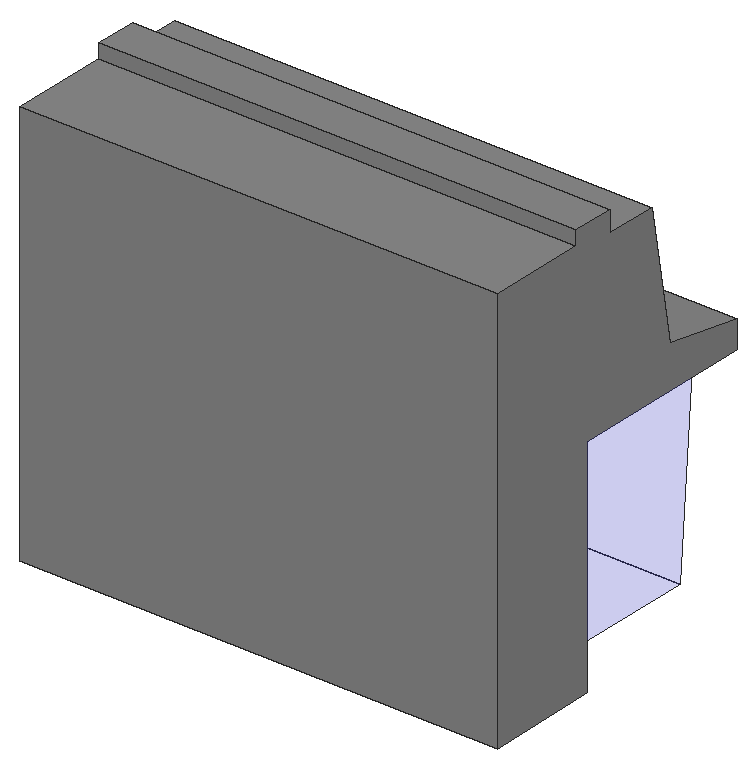
Revit family
Parameters
  Wattage = 70 W
  built-in parameter 1150110 = 1 (stored number, unit not read)
  built-in parameter 1114217 = 1 (stored number, unit not read)
  built-in parameter 1150109 = 1 (stored number, unit not read)
  built-in parameter 1150134 = 12
  built-in parameter 1150113 = 1 (stored number, unit not read)
  Material = Metal - Paint Finish - Dark Grey, Matte
  Mounting Height = 2800 mm
  Lumens = 5600 lm
  built-in parameter 1150115 = 1 (stored number, unit not read)
  built-in parameter 1150105 = 1782.5 (stored number, unit not read)
  Light Source Symbol Size = 609.6 mm
  built-in parameter 1150137 = (empty or 0)
  built-in parameter 1150139 = (empty or 0)
  built-in parameter 1150112 = 1 (stored number, unit not read)
  built-in parameter 1150114 = 1 (stored number, unit not read)
  built-in parameter 1150132 = (empty or 0)
  built-in parameter 1150102 = (empty or 0)
  built-in parameter 1150138 = (empty or 0)
  built-in parameter 1150107 = 4000 (stored number, unit not read)
  built-in parameter 1150106 = 17.825 (stored number, unit not read)
  built-in parameter 1150104 = 7.4322 (stored number, unit not read)
  Dimming Lamp Color Temperature Shift = (empty or 0)
  Color Filter = 16777215
  built-in parameter 1114218 = 1 (stored number, unit not read)
  built-in parameter 1150133 = 10 (stored number, unit not read)
Reference planes
  plane 1: y = 0
  plane 2 "Light Source Axis": y = 228.6
  plane 3 "Light Source Axis": x = 121.764
  plane 4 "Light Source Elevation": z = 2615.85
  plane 5: z = 2800
  plane 6: z = 2431.7
  plane 7: x = 337.664
  plane 8: x = -94.136
  plane 9: y = 177.8
  plane 10: y = 76.2
  plane 11: x = -68.735
  plane 12: x = 312.264
Forms (mm)
  Extrusion 1, solid, material "Metal - Paint Finish - Dark Grey, Matte" <- "Material"
    sketch origin (-94.136, 177.8, 1817.14) x (0, -1, 0) y (0, 0, 1)
      loop
        line (12.7, 982.86) -> (12.7, 995.56) -> (-25.4, 995.56) -> (-25.4, 976.51) -> (-72.841, 976.51) -> (-93.843, 857.403) -> (-168.885, 844.172) -> (-168.885, 818.772) -> (0, 818.772) -> (0, 614.56) -> (101.6, 614.56) -> (101.6, 982.86) -> (12.7, 982.86)
    from -431.8 to 0
  Extrusion 2, solid, material "Glass"
    sketch origin (-94.136, 177.8, 1817.14) x (0, -1, 0) y (0, 0, 1)
      loop
        line (-152.4, 818.772) -> (-137.221, 633.61) -> (0, 633.61) -> (0, 818.772) -> (-152.4, 818.772)
    from -406.4 to -25.401
Text (mm)
  text "Placement Side" at (0, 1019.848, 3124.603), in view "Right"
  text "Placement Side" at (-1209.637, 403.577, 0), in view "Ref. Level"
  text "Placement Side" at (0, 1206.291, 3571.227), in view "Left"
Dimensions and locks
  equal spacing: plane 7, plane 3 "Light Source Axis", plane 8
  plane 7 to plane 8 = 431.8 mm
  locked: plane 10 to host wall
  locked: plane 8 to plane 11 at 25.401
  locked: plane 12 to plane 7 at 25.4
  locked: plane 9 to plane 10 at 101.6
  locked: plane 9 to plane 2 "Light Source Axis" at 50.8
  locked: Extrusion 1 sketch curve to plane 10 at 88.9
  locked: Extrusion 1 sketch curve to Extrusion 1 sketch curve at 38.1
  locked: Extrusion 1 sketch curve to plane 5 at 12.7
  locked: Extrusion 1 sketch curve to plane 5 at 6.35
  locked: Extrusion 1 sketch curve to plane 10 at 174.441
  locked: Extrusion 1 sketch curve to Extrusion 1 sketch curve at 120.944
  locked: Extrusion 1 sketch curve to Extrusion 1 sketch curve at 76.2
  locked: Extrusion 1 sketch curve to Extrusion 1 sketch curve at 25.4
  locked: plane 6 to Extrusion 2 sketch curve at 19.05
  locked: Extrusion 2 sketch curve to Extrusion 2 sketch curve at 152.4
  "Mounting Height": level to plane 5
  locked: plane 6 to plane 5 at 368.3
  locked: plane 4 "Light Source Elevation" to plane 5 at 184.15
  locked: Extrusion 1 sketch curve to Extrusion 1 sketch curve (angle 100.00°)
  locked: Extrusion 1 sketch curve to Extrusion 1 sketch curve (angle 110.00°)
  locked: Extrusion 2 sketch curve to Extrusion 2 sketch curve (angle 94.6865°)
  aligned and locked: plane 11 to Extrusion 2
  aligned and locked: Extrusion 2 to plane 12
  aligned and locked: Extrusion 1 sketch curve to plane 6
  aligned and locked: Extrusion 1 sketch curve to plane 10
  aligned and locked: plane 5 to Extrusion 1 sketch curve
  aligned and locked: Extrusion 1 sketch curve to plane 9
  aligned and locked: Extrusion 2 sketch curve to Extrusion 1
  aligned and locked: Extrusion 2 sketch curve to plane 9
  aligned and locked: imposter light to plane 4 "Light Source Elevation"
  aligned and locked: plane 2 "Light Source Axis" to imposter light
